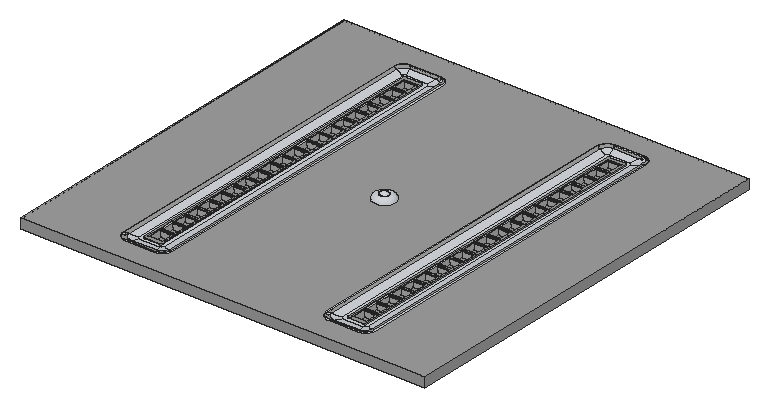
Revit family "0044019 Sylvania Lighting Fixture OptiClip 600 4000K C9 WH SSA WHITE", category Lighting Fixtures, host Face, Revit 2016
Family settings
  Host = Face
  Part Type = Normal
  Round Connector Dimension = Use Diameter
  OmniClass Number = 23.80.70.00
  OmniClass Title = Lighting
  Cut with Voids When Loaded = No
  Light Source = Yes
  Shared = No
  Room Calculation Point = No
Parameters (values of type "0044019 OPTICLIP 600 4K C9 WH SSA WHITE")
  spacer height = 5 mm
  spacer centres = 1000 mm
  height = 14.63 mm
  cut out width = 590 mm
  cut out length = 590 mm
  Width = 595 mm
  Weight = "n/a"
  Wattage Comments = ""
  Wattage = 9.2903 W
  WarrantyStartDate [instance] = "n/a"
  WarrantyGuarantorParts = "n/a"
  WarrantyDurationUnit = "n/a"
  WarrantyDurationParts = ""
  WarrantyDescription = "http://www.sylvania-lighting.com"
  built-in parameter 1150110 = 1 (stored number, unit not read)
  Voltage = 0 V
  URL = "0.95"
  TypeName = "OptiClip 600 4000K C9 WH SSA WHITE"
  Type Image = <None>
  Type Comments = "n/a"
  built-in parameter 1114217 = 1 (stored number, unit not read)
  Tilt Angle = 90.00°
  built-in parameter 1150109 = 1 (stored number, unit not read)
  built-in parameter 1150134 = 3
  built-in parameter 1150113 = 1 (stored number, unit not read)
  SerialNumber [instance] = "n/a"
  Photometric Web File = "0044019.ies"
  Material_3_FEILO = none
  PowerFactor = 0
  PowerConsumption = "Lighting"
  NominalLength = 595 mm
  NominalHeight = 0 mm
  NominalDepth = 0 mm
  Name = "OptiClip 600 4000K C9 WH SSA WHITE"
  ModelReference = Name  # "OptiClip 600 4000K C9 WH SSA WHITE"
  ModelNumber = "0044019"
  Model = Name  # "OptiClip 600 4000K C9 WH SSA WHITE"
  Material = "Feilo Sylvania"
  ManufacturerName = "109 lm/W"
  Manufacturer = ""
  LuminousEfficacy = ""
  built-in parameter 1150105 = 109.82 (stored number, unit not read)
  Lumens = 1380 lm
  LuminaireType = "0"
  built-in parameter 1150115 = 1 (stored number, unit not read)
  LightOutputRatio = "LED"
  built-in parameter 1150137 = (empty or 0)
  built-in parameter 1150139 = (empty or 0)
  Length = 595 mm
  LampsType = Lamp  # "n/a"
  LampNominalLuminous = "4000 K"
  LampMacAdamStep = "90"
  LampColourTemperature = "LED"
  LampColourRenderingIndex = "16500"
  built-in parameter 1150112 = 1 (stored number, unit not read)
  built-in parameter 1150114 = 1 (stored number, unit not read)
  Lamp = "n/a"
  Keynote = "n/a"
  InstallationDate [instance] = "n/a"
  InputVoltage = "0"
  InputNominalFrequency = "4000"
  built-in parameter 1150132 = (empty or 0)
  built-in parameter 1150102 = (empty or 0)
  built-in parameter 1150107 = 3200 (stored number, unit not read)
  built-in parameter 1150138 = (empty or 0)
  IngressProtection = "IfcLightFixtureType"
  ImpactProtectionIndex = "IfcLightFixtureType"
  built-in parameter 1150106 = 1.0982 (stored number, unit not read)
  IfcExportType = "IfcLightFixtureType"
  IfcExportAs = "Class II"
  Height = 50 mm
  ExpectedLife = 50000
  Emit from Circle Diameter = 609.6 mm
  Emit Shape Visible in Rendering = no
  ElectricShockClassification = "109"
  built-in parameter 1150104 = 13.8 (stored number, unit not read)
  DurationUnit = "hours"
  DocumentationLiterature = "http://www.sylvania-lighting.com/product/en-int/products/0044019"
  DimmingControlOptions = "n/a"
  Material_2_FEILO = none
  Dimming Lamp Color Temperature Shift = <None>
  Description = "OPTICLIP 600 4000K C9 WH SSA WHITE is a high efficacy low glare luminaire with replaceable light engines for office and education appalications. Ceiling recessed LED luminaire with white colour plastic optic, direct light distribution, luminaire dimensions: 595x595x52mm, Sylvania White body colour (RAL9016), IP20, IK07, SylSmart Connected Building capable, low LED flicker (+/-5%), Neutral White (4000K) LED Colour Temperature, 3250lm luminous flux, 30W power consumption, 108lm/W system efficacy, CRI>90, SDCM 3 (3-step MacAdam ellipse) LED Colour Consistency, UGR<17, Luminance at 65° < 2000 cd/m2, lumen maintenance: L80B50 at 60000h, photobiological safety risk group 1. Electrical protection Class II. Glow wire test 850°C."
  Default Elevation = 1219.2 mm
  CreatedOn = "24/09/2020"
  CreatedBy = "@sylvania-lighting.com"
  Cost = 0
  Color Filter = 16777215
  built-in parameter 1114216 [instance] = (empty or 0)
  ClassificationValue = "EF_70_80"
  ClassificationName = "Uniclass2015"
  Material_1_FEILO = none
  BarCode [instance] = "n/a"
  built-in parameter 1114218 = 1 (stored number, unit not read)
  built-in parameter 1150133 = 10 (stored number, unit not read)
  AssetType = "Fixed"
  AssetIdentifier [instance] = "n/a"
  Assembly Code = "D5020200"
  Apparent Load = 30 VA
  Material_4_FEILO = none
Reference planes
  plane 1 "Center (Front/Back)": y = 0
  plane 2: z = 0
  plane 3 "Center (Left/Right)": x = 0
  plane 4: z = 0
  plane 5: y = 297.5
  plane 6: y = -297.5
  plane 7: x = -297.5
  plane 8: x = 297.5
  plane 9: x = -295
  plane 10: x = 295
  plane 11: y = 295
  plane 12: y = -295
  plane 13: z = -14.63
  plane 14: y = 296.5
  plane 15: x = -296.5
  plane 16: x = 296.5
  plane 17: y = -296.5
  plane 18: x = -185
  plane 19: x = -113
  plane 20: y = -246.5
  plane 21: x = -184
  plane 22: y = 262
  plane 23: x = -114
  plane 24: y = -262
  plane 25: y = 245.5
  plane 26: y = -245.345
  plane 27: x = -160
  plane 28: x = -138
  plane 29: y = 236.5
  plane 30: y = -236.345
  plane 31: y = 213.35
  plane 32: y = 212.35
  plane 33: y = 190.95
  plane 34: y = 189.95
  plane 35: y = 168.595
  plane 36: y = 167.595
  plane 37: y = 146.15
  plane 38: y = 145.15
  plane 39: y = 123.75
  plane 40: y = 122.75
  plane 41: y = 101.35
  plane 42: y = 100.35
  plane 43: y = 78.95
  plane 44: y = 77.95
  plane 45: y = 56.576
  plane 46: y = 55.576
  plane 47: y = 34.15
  plane 48: y = 33.15
  plane 49: y = 11.75
  plane 50: y = 10.75
  plane 51: y = -10.65
  plane 52: y = -11.65
  plane 53: y = -33.05
  plane 54: y = -34.05
  plane 55: y = -55.45
  plane 56: y = -56.45
  plane 57: y = -77.805
  plane 58: y = -78.805
  plane 59: y = -100.25
  plane 60: y = -101.25
  plane 61: y = -122.65
  plane 62: y = -123.65
  plane 63: y = -145.05
  plane 64: y = -146.05
  plane 65: y = -167.45
  plane 66: y = -168.416
  plane 67: y = -189.816
  plane 68: y = -190.816
  plane 69: y = -212.216
  plane 70: y = -213.216
  plane 71: y = -234.616
  plane 72: x = -159.5
  plane 73: x = -138.539
  plane 74: y = 230.05
  plane 75: y = 218.05
  plane 76: x = -143.039
  plane 77: x = -155
  plane 78: x = -162.5
  plane 79: x = -135.5
  plane 80: y = 240.5
  plane 81: y = -240.345
  plane 82: y = 238
  plane 83: z = 6
  plane 84: x = 8
  plane 85: x = 16
  plane 86: z = 8.5
  plane 87: x = 5
  plane 88: x = 13.5
  plane 89: z = -19.13
  plane 90: x = 8
  plane 91: z = -48.13
Forms (mm)
  Extrusion 1, void, detail levels medium+fine
    sketch origin (4.2, 0, 0) x (0, 1, 0) y (1, 0, 0)
      loop
        line (295, -299.2) -> (295, 290.8) -> (-295, 290.8) -> (-295, -299.2) -> (295, -299.2)
    from 0 to 10
  Extrusion 2, solid, material "Default", detail levels medium+fine
    sketch origin (4.2, 0, 0) x (1, 0, 0) y (0, 1, 0)
      loop
        line (-301.7, 297.5) -> (-301.7, -297.5) -> (293.3, -297.5) -> (293.3, 297.5) -> (-301.7, 297.5)
    from 0 to -14.63
  Extrusion 3, void, detail levels medium+fine
    sketch origin (4.2, 0, 0) x (0, 1, 0) y (1, 0, 0)
      loop
        line (296.5, -300.7) -> (296.5, 292.3) -> (-296.5, 292.3) -> (-296.5, -300.7) -> (296.5, -300.7)
    from 1.008 to 14.63
  Blend 4, solid, detail levels medium+fine
    base sketch origin (4.2, 0, 0) x (1, 0, 0) y (0, 1, 0)
      loop
        line (-189.2, 248) -> (-189.2, -248)
        arc (-189.2, -248) -> (-184.807, -258.607) -> (-174.2, -263) r 15
        line (-174.2, -263) -> (-132.2, -263)
        arc (-132.2, -263) -> (-121.593, -258.607) -> (-117.2, -248) r 15
        line (-117.2, -248) -> (-117.2, 248)
        arc (-117.2, 248) -> (-121.593, 258.607) -> (-132.2, 263) r 15
        line (-132.2, 263) -> (-174.2, 263)
        arc (-174.2, 263) -> (-184.807, 258.607) -> (-189.2, 248) r 15
    top sketch origin (4.2, 0, 0) x (1, 0, 0) y (0, 1, 0)
      loop
        line (-172.7, 242.5) -> (-172.7, -242.5)
        arc (-172.7, -242.5) -> (-171.517, -245.34) -> (-168.667, -246.5) r 4
        line (-168.667, -246.5) -> (-137.633, -246.5)
        arc (-137.633, -246.5) -> (-134.828, -245.324) -> (-133.7, -242.5) r 3.934
        line (-133.7, -242.5) -> (-133.7, 242.5)
        arc (-133.7, 242.5) -> (-134.982, 245.439) -> (-138.008, 246.5) r 4.011
        line (-138.008, 246.5) -> (-168.7, 246.5)
        arc (-168.7, 246.5) -> (-171.528, 245.328) -> (-172.7, 242.5) r 4
    from 0 to -4
  Blend 5, void
    base sketch origin (4.2, 0, 0) x (0, 1, 0) y (-1, 0, 0)
      loop
        line (248, 188.2) -> (-248, 188.2)
        arc (-248, 188.2) -> (-257.899, 184.099) -> (-262, 174.2) r 14
        line (-262, 174.2) -> (-262, 132.2)
        arc (-262, 132.2) -> (-257.899, 122.301) -> (-248, 118.2) r 14
        line (-248, 118.2) -> (248, 118.2)
        arc (248, 118.2) -> (257.899, 122.301) -> (262, 132.2) r 14
        line (262, 132.2) -> (262, 174.2)
        arc (262, 174.2) -> (257.899, 184.099) -> (248, 188.2) r 14
    top sketch origin (4.2, 0, 0) x (0, 1, 0) y (-1, 0, 0)
      loop
        line (242.5, 171.7) -> (-242.5, 171.7)
        arc (-242.5, 171.7) -> (-244.579, 170.8) -> (-245.345, 168.667) r 2.851
        line (-245.345, 168.667) -> (-245.345, 137.633)
        arc (-245.345, 137.633) -> (-244.517, 135.59) -> (-242.5, 134.7) r 2.934
        line (-242.5, 134.7) -> (242.5, 134.7)
        arc (242.5, 134.7) -> (244.733, 135.69) -> (245.5, 138.008) r 3.014
        line (245.5, 138.008) -> (245.5, 168.7)
        arc (245.5, 168.7) -> (244.621, 170.821) -> (242.5, 171.7) r 3
    from 0 to -3.5
  Extrusion 6, solid, material "Aluminum 1100-H18", detail levels medium+fine
    sketch origin (4.2, 0, 0) x (1, 0, 0) y (0, 1, 0)
      loop
        line (-164.2, 236.5) -> (-164.2, -236.345) -> (-142.2, -236.345) -> (-142.2, 236.5) -> (-164.2, 236.5)
    from -4 to -14.63
  Extrusion 7, solid, material "Aluminum 1100-H18", detail levels medium+fine
    sketch origin (4.2, 0, 0) x (1, 0, 0) y (0, 1, 0)
      loop
        line (-166.7, 238) -> (-166.7, -238.071)
        arc (-166.7, -238.071) -> (-165.953, -239.761) -> (-164.2, -240.345) r 2.284
        line (-164.2, -240.345) -> (-142.156, -240.345)
        arc (-142.156, -240.345) -> (-140.483, -239.689) -> (-139.7, -238.071) r 2.464
        line (-139.7, -238.071) -> (-139.7, 238)
        arc (-139.7, 238) -> (-140.432, 239.768) -> (-142.2, 240.5) r 2.5
        line (-142.2, 240.5) -> (-164.2, 240.5)
        arc (-164.2, 240.5) -> (-165.968, 239.768) -> (-166.7, 238) r 2.5
    from -3.5 to -2.5
  Blend 8, void
    base sketch origin (4.2, 0, 0) x (0, 1, 0) y (-1, 0, 0)
      loop
        line (234.75, 163.7) -> (213.35, 163.7) -> (213.35, 142.739) -> (234.75, 142.739) -> (234.75, 163.7)
    top sketch origin (4.2, 0, 0) x (0, 1, 0) y (-1, 0, 0)
      loop
        line (230.05, 159.2) -> (218.05, 159.2) -> (218.05, 147.239) -> (230.05, 147.239) -> (230.05, 159.2)
    from -2.5 to -11
  Blend 9, void
    base sketch origin (4.2, -22.4, 0) x (0, 1, 0) y (-1, 0, 0)
      loop
        line (234.75, 163.7) -> (213.35, 163.7) -> (213.35, 142.739) -> (234.75, 142.739) -> (234.75, 163.7)
    top sketch origin (4.2, -22.4, 0) x (0, 1, 0) y (-1, 0, 0)
      loop
        line (230.05, 159.2) -> (218.05, 159.2) -> (218.05, 147.239) -> (230.05, 147.239) -> (230.05, 159.2)
    from -2.5 to -11
  Blend 10, void
    base sketch origin (4.2, -44.8, 0) x (0, 1, 0) y (-1, 0, 0)
      loop
        line (234.75, 163.7) -> (213.35, 163.7) -> (213.35, 142.739) -> (234.75, 142.739) -> (234.75, 163.7)
    top sketch origin (4.2, -44.8, 0) x (0, 1, 0) y (-1, 0, 0)
      loop
        line (230.05, 159.2) -> (218.05, 159.2) -> (218.05, 147.239) -> (230.05, 147.239) -> (230.05, 159.2)
    from -2.5 to -11
  Blend 11, void
    base sketch origin (4.2, -67.155, 0) x (0, 1, 0) y (-1, 0, 0)
      loop
        line (234.75, 163.7) -> (213.35, 163.7) -> (213.35, 142.739) -> (234.75, 142.739) -> (234.75, 163.7)
    top sketch origin (4.2, -67.155, 0) x (0, 1, 0) y (-1, 0, 0)
      loop
        line (230.05, 159.2) -> (218.05, 159.2) -> (218.05, 147.239) -> (230.05, 147.239) -> (230.05, 159.2)
    from -2.5 to -11
  Blend 12, void
    base sketch origin (4.2, -89.6, 0) x (0, 1, 0) y (-1, 0, 0)
      loop
        line (234.75, 163.7) -> (213.35, 163.7) -> (213.35, 142.739) -> (234.75, 142.739) -> (234.75, 163.7)
    top sketch origin (4.2, -89.6, 0) x (0, 1, 0) y (-1, 0, 0)
      loop
        line (230.05, 159.2) -> (218.05, 159.2) -> (218.05, 147.239) -> (230.05, 147.239) -> (230.05, 159.2)
    from -2.5 to -11
  Blend 13, void
    base sketch origin (4.2, -112, 0) x (0, 1, 0) y (-1, 0, 0)
      loop
        line (234.75, 163.7) -> (213.35, 163.7) -> (213.35, 142.739) -> (234.75, 142.739) -> (234.75, 163.7)
    top sketch origin (4.2, -112, 0) x (0, 1, 0) y (-1, 0, 0)
      loop
        line (230.05, 159.2) -> (218.05, 159.2) -> (218.05, 147.239) -> (230.05, 147.239) -> (230.05, 159.2)
    from -2.5 to -11
  Blend 14, void
    base sketch origin (4.2, -134.4, 0) x (0, 1, 0) y (-1, 0, 0)
      loop
        line (234.75, 163.7) -> (213.35, 163.7) -> (213.35, 142.739) -> (234.75, 142.739) -> (234.75, 163.7)
    top sketch origin (4.2, -134.4, 0) x (0, 1, 0) y (-1, 0, 0)
      loop
        line (230.05, 159.2) -> (218.05, 159.2) -> (218.05, 147.239) -> (230.05, 147.239) -> (230.05, 159.2)
    from -2.5 to -11
  Blend 15, void
    base sketch origin (4.2, -156.8, 0) x (0, 1, 0) y (-1, 0, 0)
      loop
        line (234.75, 163.7) -> (213.35, 163.7) -> (213.35, 142.739) -> (234.75, 142.739) -> (234.75, 163.7)
    top sketch origin (4.2, -156.8, 0) x (0, 1, 0) y (-1, 0, 0)
      loop
        line (230.05, 159.2) -> (218.05, 159.2) -> (218.05, 147.239) -> (230.05, 147.239) -> (230.05, 159.2)
    from -2.5 to -11
  Blend 16, void
    base sketch origin (4.2, -179.174, 0) x (0, 1, 0) y (-1, 0, 0)
      loop
        line (234.75, 163.7) -> (213.35, 163.7) -> (213.35, 142.739) -> (234.75, 142.739) -> (234.75, 163.7)
    top sketch origin (4.2, -179.174, 0) x (0, 1, 0) y (-1, 0, 0)
      loop
        line (230.05, 159.2) -> (218.05, 159.2) -> (218.05, 147.239) -> (230.05, 147.239) -> (230.05, 159.2)
    from -2.5 to -11
  Blend 17, void
    base sketch origin (4.2, -201.6, 0) x (0, 1, 0) y (-1, 0, 0)
      loop
        line (234.75, 163.7) -> (213.35, 163.7) -> (213.35, 142.739) -> (234.75, 142.739) -> (234.75, 163.7)
    top sketch origin (4.2, -201.6, 0) x (0, 1, 0) y (-1, 0, 0)
      loop
        line (230.05, 159.2) -> (218.05, 159.2) -> (218.05, 147.239) -> (230.05, 147.239) -> (230.05, 159.2)
    from -2.5 to -11
  Blend 18, void
    base sketch origin (4.2, -224, 0) x (0, 1, 0) y (-1, 0, 0)
      loop
        line (234.75, 163.7) -> (213.35, 163.7) -> (213.35, 142.739) -> (234.75, 142.739) -> (234.75, 163.7)
    top sketch origin (4.2, -224, 0) x (0, 1, 0) y (-1, 0, 0)
      loop
        line (230.05, 159.2) -> (218.05, 159.2) -> (218.05, 147.239) -> (230.05, 147.239) -> (230.05, 159.2)
    from -2.5 to -11
  Blend 19, void
    base sketch origin (4.2, -246.4, 0) x (0, 1, 0) y (-1, 0, 0)
      loop
        line (234.75, 163.7) -> (213.35, 163.7) -> (213.35, 142.739) -> (234.75, 142.739) -> (234.75, 163.7)
    top sketch origin (4.2, -246.4, 0) x (0, 1, 0) y (-1, 0, 0)
      loop
        line (230.05, 159.2) -> (218.05, 159.2) -> (218.05, 147.239) -> (230.05, 147.239) -> (230.05, 159.2)
    from -2.5 to -11
  Blend 20, void
    base sketch origin (4.2, -268.8, 0) x (0, 1, 0) y (-1, 0, 0)
      loop
        line (234.75, 163.7) -> (213.35, 163.7) -> (213.35, 142.739) -> (234.75, 142.739) -> (234.75, 163.7)
    top sketch origin (4.2, -268.8, 0) x (0, 1, 0) y (-1, 0, 0)
      loop
        line (230.05, 159.2) -> (218.05, 159.2) -> (218.05, 147.239) -> (230.05, 147.239) -> (230.05, 159.2)
    from -2.5 to -11
  Blend 21, void
    base sketch origin (4.2, -291.2, 0) x (0, 1, 0) y (-1, 0, 0)
      loop
        line (234.75, 163.7) -> (213.35, 163.7) -> (213.35, 142.739) -> (234.75, 142.739) -> (234.75, 163.7)
    top sketch origin (4.2, -291.2, 0) x (0, 1, 0) y (-1, 0, 0)
      loop
        line (230.05, 159.2) -> (218.05, 159.2) -> (218.05, 147.239) -> (230.05, 147.239) -> (230.05, 159.2)
    from -2.5 to -11
  Blend 22, void
    base sketch origin (4.2, -313.555, 0) x (0, 1, 0) y (-1, 0, 0)
      loop
        line (234.75, 163.7) -> (213.35, 163.7) -> (213.35, 142.739) -> (234.75, 142.739) -> (234.75, 163.7)
    top sketch origin (4.2, -313.555, 0) x (0, 1, 0) y (-1, 0, 0)
      loop
        line (230.05, 159.2) -> (218.05, 159.2) -> (218.05, 147.239) -> (230.05, 147.239) -> (230.05, 159.2)
    from -2.5 to -11
  Blend 23, void
    base sketch origin (4.2, -336, 0) x (0, 1, 0) y (-1, 0, 0)
      loop
        line (234.75, 163.7) -> (213.35, 163.7) -> (213.35, 142.739) -> (234.75, 142.739) -> (234.75, 163.7)
    top sketch origin (4.2, -336, 0) x (0, 1, 0) y (-1, 0, 0)
      loop
        line (230.05, 159.2) -> (218.05, 159.2) -> (218.05, 147.239) -> (230.05, 147.239) -> (230.05, 159.2)
    from -2.5 to -11
  Blend 24, void
    base sketch origin (4.2, -358.4, 0) x (0, 1, 0) y (-1, 0, 0)
      loop
        line (234.75, 163.7) -> (213.35, 163.7) -> (213.35, 142.739) -> (234.75, 142.739) -> (234.75, 163.7)
    top sketch origin (4.2, -358.4, 0) x (0, 1, 0) y (-1, 0, 0)
      loop
        line (230.05, 159.2) -> (218.05, 159.2) -> (218.05, 147.239) -> (230.05, 147.239) -> (230.05, 159.2)
    from -2.5 to -11
  Blend 25, void
    base sketch origin (4.2, -380.8, 0) x (0, 1, 0) y (-1, 0, 0)
      loop
        line (234.75, 163.7) -> (213.35, 163.7) -> (213.35, 142.739) -> (234.75, 142.739) -> (234.75, 163.7)
    top sketch origin (4.2, -380.8, 0) x (0, 1, 0) y (-1, 0, 0)
      loop
        line (230.05, 159.2) -> (218.05, 159.2) -> (218.05, 147.239) -> (230.05, 147.239) -> (230.05, 159.2)
    from -2.5 to -11
  Extrusion 26, solid, material "Glass, White, High Luminance", detail levels fine
    sketch origin (4.2, 0, 0) x (1, 0, 0) y (0, 1, 0)
      loop
        line (-159.2, 230.05) -> (-159.2, 218.05) -> (-147.239, 218.05) -> (-147.239, 230.05) -> (-159.2, 230.05)
    from -11 to -10
  Extrusion 27, solid, material "Glass, White, High Luminance", detail levels fine
    sketch origin (4.2, -22.4, 0) x (1, 0, 0) y (0, 1, 0)
      loop
        line (-159.2, 230.05) -> (-159.2, 218.05) -> (-147.239, 218.05) -> (-147.239, 230.05) -> (-159.2, 230.05)
    from -11 to -10
  Extrusion 28, solid, material "Glass, White, High Luminance", detail levels fine
    sketch origin (4.2, -44.8, 0) x (1, 0, 0) y (0, 1, 0)
      loop
        line (-159.2, 230.05) -> (-159.2, 218.05) -> (-147.239, 218.05) -> (-147.239, 230.05) -> (-159.2, 230.05)
    from -11 to -10
  Extrusion 29, solid, material "Glass, White, High Luminance", detail levels fine
    sketch origin (4.2, -67.155, 0) x (1, 0, 0) y (0, 1, 0)
      loop
        line (-159.2, 230.05) -> (-159.2, 218.05) -> (-147.239, 218.05) -> (-147.239, 230.05) -> (-159.2, 230.05)
    from -11 to -10
  Extrusion 30, solid, material "Glass, White, High Luminance", detail levels fine
    sketch origin (4.2, -89.6, 0) x (1, 0, 0) y (0, 1, 0)
      loop
        line (-159.2, 230.05) -> (-159.2, 218.05) -> (-147.239, 218.05) -> (-147.239, 230.05) -> (-159.2, 230.05)
    from -11 to -10
  Extrusion 31, solid, material "Glass, White, High Luminance", detail levels fine
    sketch origin (4.2, -112, 0) x (1, 0, 0) y (0, 1, 0)
      loop
        line (-159.2, 230.05) -> (-159.2, 218.05) -> (-147.239, 218.05) -> (-147.239, 230.05) -> (-159.2, 230.05)
    from -11 to -10
  Extrusion 32, solid, material "Glass, White, High Luminance", detail levels fine
    sketch origin (4.2, -134.4, 0) x (1, 0, 0) y (0, 1, 0)
      loop
        line (-159.2, 230.05) -> (-159.2, 218.05) -> (-147.239, 218.05) -> (-147.239, 230.05) -> (-159.2, 230.05)
    from -11 to -10
  Extrusion 33, solid, material "Glass, White, High Luminance", detail levels fine
    sketch origin (4.2, -156.8, 0) x (1, 0, 0) y (0, 1, 0)
      loop
        line (-159.2, 230.05) -> (-159.2, 218.05) -> (-147.239, 218.05) -> (-147.239, 230.05) -> (-159.2, 230.05)
    from -11 to -10
  Extrusion 34, solid, material "Glass, White, High Luminance", detail levels fine
    sketch origin (4.2, -179.174, 0) x (1, 0, 0) y (0, 1, 0)
      loop
        line (-159.2, 230.05) -> (-159.2, 218.05) -> (-147.239, 218.05) -> (-147.239, 230.05) -> (-159.2, 230.05)
    from -11 to -10
  Extrusion 35, solid, material "Glass, White, High Luminance", detail levels fine
    sketch origin (4.2, -201.6, 0) x (1, 0, 0) y (0, 1, 0)
      loop
        line (-159.2, 230.05) -> (-159.2, 218.05) -> (-147.239, 218.05) -> (-147.239, 230.05) -> (-159.2, 230.05)
    from -11 to -10
  Extrusion 36, solid, material "Glass, White, High Luminance", detail levels fine
    sketch origin (4.2, -224, 0) x (1, 0, 0) y (0, 1, 0)
      loop
        line (-159.2, 230.05) -> (-159.2, 218.05) -> (-147.239, 218.05) -> (-147.239, 230.05) -> (-159.2, 230.05)
    from -11 to -10
  Extrusion 37, solid, material "Glass, White, High Luminance", detail levels fine
    sketch origin (4.2, -246.4, 0) x (1, 0, 0) y (0, 1, 0)
      loop
        line (-159.2, 230.05) -> (-159.2, 218.05) -> (-147.239, 218.05) -> (-147.239, 230.05) -> (-159.2, 230.05)
    from -11 to -10
  Extrusion 38, solid, material "Glass, White, High Luminance", detail levels fine
    sketch origin (4.2, -268.8, 0) x (1, 0, 0) y (0, 1, 0)
      loop
        line (-159.2, 230.05) -> (-159.2, 218.05) -> (-147.239, 218.05) -> (-147.239, 230.05) -> (-159.2, 230.05)
    from -11 to -10
  Extrusion 39, solid, material "Glass, White, High Luminance", detail levels fine
    sketch origin (4.2, -291.2, 0) x (1, 0, 0) y (0, 1, 0)
      loop
        line (-159.2, 230.05) -> (-159.2, 218.05) -> (-147.239, 218.05) -> (-147.239, 230.05) -> (-159.2, 230.05)
    from -11 to -10
  Extrusion 40, solid, material "Glass, White, High Luminance", detail levels fine
    sketch origin (4.2, -313.555, 0) x (1, 0, 0) y (0, 1, 0)
      loop
        line (-159.2, 230.05) -> (-159.2, 218.05) -> (-147.239, 218.05) -> (-147.239, 230.05) -> (-159.2, 230.05)
    from -11 to -10
  Extrusion 41, solid, material "Glass, White, High Luminance", detail levels fine
    sketch origin (4.2, -336, 0) x (1, 0, 0) y (0, 1, 0)
      loop
        line (-159.2, 230.05) -> (-159.2, 218.05) -> (-147.239, 218.05) -> (-147.239, 230.05) -> (-159.2, 230.05)
    from -11 to -10
  Extrusion 42, solid, material "Glass, White, High Luminance", detail levels fine
    sketch origin (4.2, -358.4, 0) x (1, 0, 0) y (0, 1, 0)
      loop
        line (-159.2, 230.05) -> (-159.2, 218.05) -> (-147.239, 218.05) -> (-147.239, 230.05) -> (-159.2, 230.05)
    from -11 to -10
  Extrusion 43, solid, material "Glass, White, High Luminance", detail levels fine
    sketch origin (4.2, -380.8, 0) x (1, 0, 0) y (0, 1, 0)
      loop
        line (-159.2, 230.05) -> (-159.2, 218.05) -> (-147.239, 218.05) -> (-147.239, 230.05) -> (-159.2, 230.05)
    from -11 to -10
  Extrusion 44, solid, material "Glass, White, High Luminance", detail levels fine
    sketch origin (3.419, -403.166, 0) x (1, 0, 0) y (0, 1, 0)
      loop
        line (-158.419, 230.05) -> (-158.419, 218.05) -> (-146.458, 218.05) -> (-146.458, 230.05) -> (-158.419, 230.05)
    from -11 to -10
  Extrusion 45, solid, material "Glass, White, High Luminance", detail levels fine
    sketch origin (3.419, -425.566, 0) x (1, 0, 0) y (0, 1, 0)
      loop
        line (-158.419, 230.05) -> (-158.419, 218.05) -> (-146.458, 218.05) -> (-146.458, 230.05) -> (-158.419, 230.05)
    from -11 to -10
  Extrusion 46, solid, material "Glass, White, High Luminance", detail levels fine
    sketch origin (3.419, -447.966, 0) x (1, 0, 0) y (0, 1, 0)
      loop
        line (-158.419, 230.05) -> (-158.419, 218.05) -> (-146.458, 218.05) -> (-146.458, 230.05) -> (-158.419, 230.05)
    from -11 to -10
  Blend 47, solid, detail levels medium+fine
    base sketch origin (303.2, 0, 0) x (1, 0, 0) y (0, 1, 0)
      loop
        line (-189.2, 248) -> (-189.2, -248)
        arc (-189.2, -248) -> (-184.807, -258.607) -> (-174.2, -263) r 15
        line (-174.2, -263) -> (-132.2, -263)
        arc (-132.2, -263) -> (-121.593, -258.607) -> (-117.2, -248) r 15
        line (-117.2, -248) -> (-117.2, 248)
        arc (-117.2, 248) -> (-121.593, 258.607) -> (-132.2, 263) r 15
        line (-132.2, 263) -> (-174.2, 263)
        arc (-174.2, 263) -> (-184.807, 258.607) -> (-189.2, 248) r 15
    top sketch origin (303.2, 0, 0) x (1, 0, 0) y (0, 1, 0)
      loop
        line (-172.7, 242.5) -> (-172.7, -242.5)
        arc (-172.7, -242.5) -> (-171.517, -245.34) -> (-168.667, -246.5) r 4
        line (-168.667, -246.5) -> (-137.633, -246.5)
        arc (-137.633, -246.5) -> (-134.828, -245.324) -> (-133.7, -242.5) r 3.934
        line (-133.7, -242.5) -> (-133.7, 242.5)
        arc (-133.7, 242.5) -> (-134.982, 245.439) -> (-138.008, 246.5) r 4.011
        line (-138.008, 246.5) -> (-168.7, 246.5)
        arc (-168.7, 246.5) -> (-171.528, 245.328) -> (-172.7, 242.5) r 4
    from 0 to -4
  Blend 48, void
    base sketch origin (303.2, 0, 0) x (0, 1, 0) y (-1, 0, 0)
      loop
        line (248, 188.2) -> (-248, 188.2)
        arc (-248, 188.2) -> (-257.899, 184.099) -> (-262, 174.2) r 14
        line (-262, 174.2) -> (-262, 132.2)
        arc (-262, 132.2) -> (-257.899, 122.301) -> (-248, 118.2) r 14
        line (-248, 118.2) -> (248, 118.2)
        arc (248, 118.2) -> (257.899, 122.301) -> (262, 132.2) r 14
        line (262, 132.2) -> (262, 174.2)
        arc (262, 174.2) -> (257.899, 184.099) -> (248, 188.2) r 14
    top sketch origin (303.2, 0, 0) x (0, 1, 0) y (-1, 0, 0)
      loop
        line (242.5, 171.7) -> (-242.5, 171.7)
        arc (-242.5, 171.7) -> (-244.579, 170.8) -> (-245.345, 168.667) r 2.851
        line (-245.345, 168.667) -> (-245.345, 137.633)
        arc (-245.345, 137.633) -> (-244.517, 135.59) -> (-242.5, 134.7) r 2.934
        line (-242.5, 134.7) -> (242.5, 134.7)
        arc (242.5, 134.7) -> (244.733, 135.69) -> (245.5, 138.008) r 3.014
        line (245.5, 138.008) -> (245.5, 168.7)
        arc (245.5, 168.7) -> (244.621, 170.821) -> (242.5, 171.7) r 3
    from 0 to -3.5
  Extrusion 49, solid, material "Aluminum 1100-H18", detail levels medium+fine
    sketch origin (304.2, 0, 0) x (1, 0, 0) y (0, 1, 0)
      loop
        line (-164.2, 236.5) -> (-164.2, -236.345) -> (-142.2, -236.345) -> (-142.2, 236.5) -> (-164.2, 236.5)
    from -4 to -14.63
  Blend 50, void
    base sketch origin (4.2, -403.166, 0) x (0, 1, 0) y (-1, 0, 0)
      loop
        line (234.75, 163.7) -> (213.35, 163.7) -> (213.35, 142.739) -> (234.75, 142.739) -> (234.75, 163.7)
    top sketch origin (4.2, -403.166, 0) x (0, 1, 0) y (-1, 0, 0)
      loop
        line (230.05, 159.2) -> (218.05, 159.2) -> (218.05, 147.239) -> (230.05, 147.239) -> (230.05, 159.2)
    from -2.5 to -11
  Blend 51, void
    base sketch origin (4.2, -425.566, 0) x (0, 1, 0) y (-1, 0, 0)
      loop
        line (234.75, 163.7) -> (213.35, 163.7) -> (213.35, 142.739) -> (234.75, 142.739) -> (234.75, 163.7)
    top sketch origin (4.2, -425.566, 0) x (0, 1, 0) y (-1, 0, 0)
      loop
        line (230.05, 159.2) -> (218.05, 159.2) -> (218.05, 147.239) -> (230.05, 147.239) -> (230.05, 159.2)
    from -2.5 to -11
  Blend 52, void
    base sketch origin (4.2, -447.966, 0) x (0, 1, 0) y (-1, 0, 0)
      loop
        line (234.75, 163.7) -> (213.35, 163.7) -> (213.35, 142.739) -> (234.75, 142.739) -> (234.75, 163.7)
    top sketch origin (4.2, -447.966, 0) x (0, 1, 0) y (-1, 0, 0)
      loop
        line (230.05, 159.2) -> (218.05, 159.2) -> (218.05, 147.239) -> (230.05, 147.239) -> (230.05, 159.2)
    from -2.5 to -11
  Extrusion 53, solid, material "Aluminum 1100-H18", detail levels medium+fine
    sketch origin (304.2, 0, 0) x (1, 0, 0) y (0, 1, 0)
      loop
        line (-166.7, 238) -> (-166.7, -238.071)
        arc (-166.7, -238.071) -> (-165.953, -239.761) -> (-164.2, -240.345) r 2.284
        line (-164.2, -240.345) -> (-142.156, -240.345)
        arc (-142.156, -240.345) -> (-140.483, -239.689) -> (-139.7, -238.071) r 2.464
        line (-139.7, -238.071) -> (-139.7, 238)
        arc (-139.7, 238) -> (-140.432, 239.768) -> (-142.2, 240.5) r 2.5
        line (-142.2, 240.5) -> (-164.2, 240.5)
        arc (-164.2, 240.5) -> (-165.968, 239.768) -> (-166.7, 238) r 2.5
    from -3.5 to -2.5
  Blend 54, void
    base sketch origin (304.2, 0, 0) x (0, 1, 0) y (-1, 0, 0)
      loop
        line (234.75, 163.7) -> (213.35, 163.7) -> (213.35, 142.739) -> (234.75, 142.739) -> (234.75, 163.7)
    top sketch origin (304.2, 0, 0) x (0, 1, 0) y (-1, 0, 0)
      loop
        line (230.05, 159.2) -> (218.05, 159.2) -> (218.05, 147.239) -> (230.05, 147.239) -> (230.05, 159.2)
    from -2.5 to -11
  Blend 55, void
    base sketch origin (304.2, -22.4, 0) x (0, 1, 0) y (-1, 0, 0)
      loop
        line (234.75, 163.7) -> (213.35, 163.7) -> (213.35, 142.739) -> (234.75, 142.739) -> (234.75, 163.7)
    top sketch origin (304.2, -22.4, 0) x (0, 1, 0) y (-1, 0, 0)
      loop
        line (230.05, 159.2) -> (218.05, 159.2) -> (218.05, 147.239) -> (230.05, 147.239) -> (230.05, 159.2)
    from -2.5 to -11
  Blend 56, void
    base sketch origin (304.2, -44.8, 0) x (0, 1, 0) y (-1, 0, 0)
      loop
        line (234.75, 163.7) -> (213.35, 163.7) -> (213.35, 142.739) -> (234.75, 142.739) -> (234.75, 163.7)
    top sketch origin (304.2, -44.8, 0) x (0, 1, 0) y (-1, 0, 0)
      loop
        line (230.05, 159.2) -> (218.05, 159.2) -> (218.05, 147.239) -> (230.05, 147.239) -> (230.05, 159.2)
    from -2.5 to -11
  Blend 57, void
    base sketch origin (304.2, -67.155, 0) x (0, 1, 0) y (-1, 0, 0)
      loop
        line (234.75, 163.7) -> (213.35, 163.7) -> (213.35, 142.739) -> (234.75, 142.739) -> (234.75, 163.7)
    top sketch origin (304.2, -67.155, 0) x (0, 1, 0) y (-1, 0, 0)
      loop
        line (230.05, 159.2) -> (218.05, 159.2) -> (218.05, 147.239) -> (230.05, 147.239) -> (230.05, 159.2)
    from -2.5 to -11
  Blend 58, void
    base sketch origin (304.2, -89.6, 0) x (0, 1, 0) y (-1, 0, 0)
      loop
        line (234.75, 163.7) -> (213.35, 163.7) -> (213.35, 142.739) -> (234.75, 142.739) -> (234.75, 163.7)
    top sketch origin (304.2, -89.6, 0) x (0, 1, 0) y (-1, 0, 0)
      loop
        line (230.05, 159.2) -> (218.05, 159.2) -> (218.05, 147.239) -> (230.05, 147.239) -> (230.05, 159.2)
    from -2.5 to -11
  Blend 59, void
    base sketch origin (304.2, -112, 0) x (0, 1, 0) y (-1, 0, 0)
      loop
        line (234.75, 163.7) -> (213.35, 163.7) -> (213.35, 142.739) -> (234.75, 142.739) -> (234.75, 163.7)
    top sketch origin (304.2, -112, 0) x (0, 1, 0) y (-1, 0, 0)
      loop
        line (230.05, 159.2) -> (218.05, 159.2) -> (218.05, 147.239) -> (230.05, 147.239) -> (230.05, 159.2)
    from -2.5 to -11
  Blend 60, void
    base sketch origin (304.2, -134.4, 0) x (0, 1, 0) y (-1, 0, 0)
      loop
        line (234.75, 163.7) -> (213.35, 163.7) -> (213.35, 142.739) -> (234.75, 142.739) -> (234.75, 163.7)
    top sketch origin (304.2, -134.4, 0) x (0, 1, 0) y (-1, 0, 0)
      loop
        line (230.05, 159.2) -> (218.05, 159.2) -> (218.05, 147.239) -> (230.05, 147.239) -> (230.05, 159.2)
    from -2.5 to -11
  Blend 61, void
    base sketch origin (304.2, -156.8, 0) x (0, 1, 0) y (-1, 0, 0)
      loop
        line (234.75, 163.7) -> (213.35, 163.7) -> (213.35, 142.739) -> (234.75, 142.739) -> (234.75, 163.7)
    top sketch origin (304.2, -156.8, 0) x (0, 1, 0) y (-1, 0, 0)
      loop
        line (230.05, 159.2) -> (218.05, 159.2) -> (218.05, 147.239) -> (230.05, 147.239) -> (230.05, 159.2)
    from -2.5 to -11
  Blend 62, void
    base sketch origin (304.2, -179.174, 0) x (0, 1, 0) y (-1, 0, 0)
      loop
        line (234.75, 163.7) -> (213.35, 163.7) -> (213.35, 142.739) -> (234.75, 142.739) -> (234.75, 163.7)
    top sketch origin (304.2, -179.174, 0) x (0, 1, 0) y (-1, 0, 0)
      loop
        line (230.05, 159.2) -> (218.05, 159.2) -> (218.05, 147.239) -> (230.05, 147.239) -> (230.05, 159.2)
    from -2.5 to -11
  Blend 63, void
    base sketch origin (304.2, -201.6, 0) x (0, 1, 0) y (-1, 0, 0)
      loop
        line (234.75, 163.7) -> (213.35, 163.7) -> (213.35, 142.739) -> (234.75, 142.739) -> (234.75, 163.7)
    top sketch origin (304.2, -201.6, 0) x (0, 1, 0) y (-1, 0, 0)
      loop
        line (230.05, 159.2) -> (218.05, 159.2) -> (218.05, 147.239) -> (230.05, 147.239) -> (230.05, 159.2)
    from -2.5 to -11
  Blend 64, void
    base sketch origin (304.2, -224, 0) x (0, 1, 0) y (-1, 0, 0)
      loop
        line (234.75, 163.7) -> (213.35, 163.7) -> (213.35, 142.739) -> (234.75, 142.739) -> (234.75, 163.7)
    top sketch origin (304.2, -224, 0) x (0, 1, 0) y (-1, 0, 0)
      loop
        line (230.05, 159.2) -> (218.05, 159.2) -> (218.05, 147.239) -> (230.05, 147.239) -> (230.05, 159.2)
    from -2.5 to -11
  Blend 65, void
    base sketch origin (304.2, -246.4, 0) x (0, 1, 0) y (-1, 0, 0)
      loop
        line (234.75, 163.7) -> (213.35, 163.7) -> (213.35, 142.739) -> (234.75, 142.739) -> (234.75, 163.7)
    top sketch origin (304.2, -246.4, 0) x (0, 1, 0) y (-1, 0, 0)
      loop
        line (230.05, 159.2) -> (218.05, 159.2) -> (218.05, 147.239) -> (230.05, 147.239) -> (230.05, 159.2)
    from -2.5 to -11
  Blend 66, void
    base sketch origin (304.2, -268.8, 0) x (0, 1, 0) y (-1, 0, 0)
      loop
        line (234.75, 163.7) -> (213.35, 163.7) -> (213.35, 142.739) -> (234.75, 142.739) -> (234.75, 163.7)
    top sketch origin (304.2, -268.8, 0) x (0, 1, 0) y (-1, 0, 0)
      loop
        line (230.05, 159.2) -> (218.05, 159.2) -> (218.05, 147.239) -> (230.05, 147.239) -> (230.05, 159.2)
    from -2.5 to -11
  Blend 67, void
    base sketch origin (304.2, -291.2, 0) x (0, 1, 0) y (-1, 0, 0)
      loop
        line (234.75, 163.7) -> (213.35, 163.7) -> (213.35, 142.739) -> (234.75, 142.739) -> (234.75, 163.7)
    top sketch origin (304.2, -291.2, 0) x (0, 1, 0) y (-1, 0, 0)
      loop
        line (230.05, 159.2) -> (218.05, 159.2) -> (218.05, 147.239) -> (230.05, 147.239) -> (230.05, 159.2)
    from -2.5 to -11
  Blend 68, void
    base sketch origin (304.2, -313.555, 0) x (0, 1, 0) y (-1, 0, 0)
      loop
        line (234.75, 163.7) -> (213.35, 163.7) -> (213.35, 142.739) -> (234.75, 142.739) -> (234.75, 163.7)
    top sketch origin (304.2, -313.555, 0) x (0, 1, 0) y (-1, 0, 0)
      loop
        line (230.05, 159.2) -> (218.05, 159.2) -> (218.05, 147.239) -> (230.05, 147.239) -> (230.05, 159.2)
    from -2.5 to -11
  Blend 69, void
    base sketch origin (304.2, -336, 0) x (0, 1, 0) y (-1, 0, 0)
      loop
        line (234.75, 163.7) -> (213.35, 163.7) -> (213.35, 142.739) -> (234.75, 142.739) -> (234.75, 163.7)
    top sketch origin (304.2, -336, 0) x (0, 1, 0) y (-1, 0, 0)
      loop
        line (230.05, 159.2) -> (218.05, 159.2) -> (218.05, 147.239) -> (230.05, 147.239) -> (230.05, 159.2)
    from -2.5 to -11
  Blend 70, void
    base sketch origin (304.2, -358.4, 0) x (0, 1, 0) y (-1, 0, 0)
      loop
        line (234.75, 163.7) -> (213.35, 163.7) -> (213.35, 142.739) -> (234.75, 142.739) -> (234.75, 163.7)
    top sketch origin (304.2, -358.4, 0) x (0, 1, 0) y (-1, 0, 0)
      loop
        line (230.05, 159.2) -> (218.05, 159.2) -> (218.05, 147.239) -> (230.05, 147.239) -> (230.05, 159.2)
    from -2.5 to -11
  Blend 71, void
    base sketch origin (304.2, -380.8, 0) x (0, 1, 0) y (-1, 0, 0)
      loop
        line (234.75, 163.7) -> (213.35, 163.7) -> (213.35, 142.739) -> (234.75, 142.739) -> (234.75, 163.7)
    top sketch origin (304.2, -380.8, 0) x (0, 1, 0) y (-1, 0, 0)
      loop
        line (230.05, 159.2) -> (218.05, 159.2) -> (218.05, 147.239) -> (230.05, 147.239) -> (230.05, 159.2)
    from -2.5 to -11
  Blend 72, void
    base sketch origin (304.2, -403.166, 0) x (0, 1, 0) y (-1, 0, 0)
      loop
        line (234.75, 163.7) -> (213.35, 163.7) -> (213.35, 142.739) -> (234.75, 142.739) -> (234.75, 163.7)
    top sketch origin (304.2, -403.166, 0) x (0, 1, 0) y (-1, 0, 0)
      loop
        line (230.05, 159.2) -> (218.05, 159.2) -> (218.05, 147.239) -> (230.05, 147.239) -> (230.05, 159.2)
    from -2.5 to -11
  Blend 73, void
    base sketch origin (304.2, -425.566, 0) x (0, 1, 0) y (-1, 0, 0)
      loop
        line (234.75, 163.7) -> (213.35, 163.7) -> (213.35, 142.739) -> (234.75, 142.739) -> (234.75, 163.7)
    top sketch origin (304.2, -425.566, 0) x (0, 1, 0) y (-1, 0, 0)
      loop
        line (230.05, 159.2) -> (218.05, 159.2) -> (218.05, 147.239) -> (230.05, 147.239) -> (230.05, 159.2)
    from -2.5 to -11
  Blend 74, void
    base sketch origin (304.2, -447.966, 0) x (0, 1, 0) y (-1, 0, 0)
      loop
        line (234.75, 163.7) -> (213.35, 163.7) -> (213.35, 142.739) -> (234.75, 142.739) -> (234.75, 163.7)
    top sketch origin (304.2, -447.966, 0) x (0, 1, 0) y (-1, 0, 0)
      loop
        line (230.05, 159.2) -> (218.05, 159.2) -> (218.05, 147.239) -> (230.05, 147.239) -> (230.05, 159.2)
    from -2.5 to -11
  Extrusion 75, solid, material "Glass, White, High Luminance", detail levels fine
    sketch origin (304.2, 0, 0) x (1, 0, 0) y (0, 1, 0)
      loop
        line (-159.2, 230.05) -> (-159.2, 218.05) -> (-147.239, 218.05) -> (-147.239, 230.05) -> (-159.2, 230.05)
    from -11 to -10
  Extrusion 76, solid, material "Glass, White, High Luminance", detail levels fine
    sketch origin (304.2, -22.4, 0) x (1, 0, 0) y (0, 1, 0)
      loop
        line (-159.2, 230.05) -> (-159.2, 218.05) -> (-147.239, 218.05) -> (-147.239, 230.05) -> (-159.2, 230.05)
    from -11 to -10
  Extrusion 77, solid, material "Glass, White, High Luminance", detail levels fine
    sketch origin (304.2, -44.8, 0) x (1, 0, 0) y (0, 1, 0)
      loop
        line (-159.2, 230.05) -> (-159.2, 218.05) -> (-147.239, 218.05) -> (-147.239, 230.05) -> (-159.2, 230.05)
    from -11 to -10
  Extrusion 78, solid, material "Glass, White, High Luminance", detail levels fine
    sketch origin (304.2, -67.155, 0) x (1, 0, 0) y (0, 1, 0)
      loop
        line (-159.2, 230.05) -> (-159.2, 218.05) -> (-147.239, 218.05) -> (-147.239, 230.05) -> (-159.2, 230.05)
    from -11 to -10
  Extrusion 79, solid, material "Glass, White, High Luminance", detail levels fine
    sketch origin (304.2, -89.6, 0) x (1, 0, 0) y (0, 1, 0)
      loop
        line (-159.2, 230.05) -> (-159.2, 218.05) -> (-147.239, 218.05) -> (-147.239, 230.05) -> (-159.2, 230.05)
    from -11 to -10
  Extrusion 80, solid, material "Glass, White, High Luminance", detail levels fine
    sketch origin (304.2, -112, 0) x (1, 0, 0) y (0, 1, 0)
      loop
        line (-159.2, 230.05) -> (-159.2, 218.05) -> (-147.239, 218.05) -> (-147.239, 230.05) -> (-159.2, 230.05)
    from -11 to -10
  Extrusion 81, solid, material "Glass, White, High Luminance", detail levels fine
    sketch origin (304.2, -134.4, 0) x (1, 0, 0) y (0, 1, 0)
      loop
        line (-159.2, 230.05) -> (-159.2, 218.05) -> (-147.239, 218.05) -> (-147.239, 230.05) -> (-159.2, 230.05)
    from -11 to -10
  Extrusion 82, solid, material "Glass, White, High Luminance", detail levels fine
    sketch origin (304.2, -156.8, 0) x (1, 0, 0) y (0, 1, 0)
      loop
        line (-159.2, 230.05) -> (-159.2, 218.05) -> (-147.239, 218.05) -> (-147.239, 230.05) -> (-159.2, 230.05)
    from -11 to -10
  Extrusion 83, solid, material "Glass, White, High Luminance", detail levels fine
    sketch origin (304.2, -179.174, 0) x (1, 0, 0) y (0, 1, 0)
      loop
        line (-159.2, 230.05) -> (-159.2, 218.05) -> (-147.239, 218.05) -> (-147.239, 230.05) -> (-159.2, 230.05)
    from -11 to -10
  Extrusion 84, solid, material "Glass, White, High Luminance", detail levels fine
    sketch origin (304.2, -201.6, 0) x (1, 0, 0) y (0, 1, 0)
      loop
        line (-159.2, 230.05) -> (-159.2, 218.05) -> (-147.239, 218.05) -> (-147.239, 230.05) -> (-159.2, 230.05)
    from -11 to -10
  Extrusion 85, solid, material "Glass, White, High Luminance", detail levels fine
    sketch origin (304.2, -224, 0) x (1, 0, 0) y (0, 1, 0)
      loop
        line (-159.2, 230.05) -> (-159.2, 218.05) -> (-147.239, 218.05) -> (-147.239, 230.05) -> (-159.2, 230.05)
    from -11 to -10
  Extrusion 86, solid, material "Glass, White, High Luminance", detail levels fine
    sketch origin (304.2, -246.4, 0) x (1, 0, 0) y (0, 1, 0)
      loop
        line (-159.2, 230.05) -> (-159.2, 218.05) -> (-147.239, 218.05) -> (-147.239, 230.05) -> (-159.2, 230.05)
    from -11 to -10
  Extrusion 87, solid, material "Glass, White, High Luminance", detail levels fine
    sketch origin (304.2, -268.8, 0) x (1, 0, 0) y (0, 1, 0)
      loop
        line (-159.2, 230.05) -> (-159.2, 218.05) -> (-147.239, 218.05) -> (-147.239, 230.05) -> (-159.2, 230.05)
    from -11 to -10
  Extrusion 88, solid, material "Glass, White, High Luminance", detail levels fine
    sketch origin (304.2, -291.2, 0) x (1, 0, 0) y (0, 1, 0)
      loop
        line (-159.2, 230.05) -> (-159.2, 218.05) -> (-147.239, 218.05) -> (-147.239, 230.05) -> (-159.2, 230.05)
    from -11 to -10
  Extrusion 89, solid, material "Glass, White, High Luminance", detail levels fine
    sketch origin (304.2, -313.555, 0) x (1, 0, 0) y (0, 1, 0)
      loop
        line (-159.2, 230.05) -> (-159.2, 218.05) -> (-147.239, 218.05) -> (-147.239, 230.05) -> (-159.2, 230.05)
    from -11 to -10
  Extrusion 90, solid, material "Glass, White, High Luminance", detail levels fine
    sketch origin (304.2, -336, 0) x (1, 0, 0) y (0, 1, 0)
      loop
        line (-159.2, 230.05) -> (-159.2, 218.05) -> (-147.239, 218.05) -> (-147.239, 230.05) -> (-159.2, 230.05)
    from -11 to -10
  Extrusion 91, solid, material "Glass, White, High Luminance", detail levels fine
    sketch origin (304.2, -358.4, 0) x (1, 0, 0) y (0, 1, 0)
      loop
        line (-159.2, 230.05) -> (-159.2, 218.05) -> (-147.239, 218.05) -> (-147.239, 230.05) -> (-159.2, 230.05)
    from -11 to -10
  Extrusion 92, solid, material "Glass, White, High Luminance", detail levels fine
    sketch origin (304.2, -380.8, 0) x (1, 0, 0) y (0, 1, 0)
      loop
        line (-159.2, 230.05) -> (-159.2, 218.05) -> (-147.239, 218.05) -> (-147.239, 230.05) -> (-159.2, 230.05)
    from -11 to -10
  Extrusion 93, solid, material "Glass, White, High Luminance", detail levels fine
    sketch origin (303.419, -403.166, 0) x (1, 0, 0) y (0, 1, 0)
      loop
        line (-158.419, 230.05) -> (-158.419, 218.05) -> (-146.458, 218.05) -> (-146.458, 230.05) -> (-158.419, 230.05)
    from -11 to -10
  Extrusion 94, solid, material "Glass, White, High Luminance", detail levels fine
    sketch origin (303.419, -425.566, 0) x (1, 0, 0) y (0, 1, 0)
      loop
        line (-158.419, 230.05) -> (-158.419, 218.05) -> (-146.458, 218.05) -> (-146.458, 230.05) -> (-158.419, 230.05)
    from -11 to -10
  Extrusion 95, solid, material "Glass, White, High Luminance", detail levels fine
    sketch origin (303.419, -447.966, 0) x (1, 0, 0) y (0, 1, 0)
      loop
        line (-158.419, 230.05) -> (-158.419, 218.05) -> (-146.458, 218.05) -> (-146.458, 230.05) -> (-158.419, 230.05)
    from -11 to -10
  Extrusion 96, solid, detail levels coarse
    sketch origin (4.2, 0, 0) x (1, 0, 0) y (0, 1, 0)
      loop
        line (-301.7, 297.5) -> (-301.7, -297.5) -> (293.3, -297.5) -> (293.3, 297.5) -> (-301.7, 297.5)
    from -48.13 to 8.504
  Revolve 97, solid
    sketch origin (0, 0, 0) x (1, 0, 0) y (0, 0, 1)
      loop
        line (0, 0) -> (16, 0)
        arc (16, 0) -> (13.015, 4.353) -> (8, 6) r 8.235
        line (8, 6) -> (0, 6) -> (0, 0)
      axis (0, 6) -> (0, 0)
    angle from 179.245 to 539.217
  Revolve 98, solid
    sketch origin (0, 0, 0) x (1, 0, 0) y (0, 0, 1)
      loop
        line (0, 8.5) -> (0, 6) -> (5, 6)
        arc (5, 6) -> (2.777, 7.803) -> (0, 8.5) r 6.622
      axis (0, 8.5) -> (0, 6)
    angle from 173.991 to 533.823
  Revolve 99, solid
    sketch origin (0, 0, 0) x (1, 0, 0) y (0, 0, 1)
      loop
        line (0, -14.63) -> (0, -19.13) -> (13.5, -19.13) -> (13.5, -14.63) -> (0, -14.63)
      axis (0, -14.63) -> (0, -19.13)
    angle from 1.606 to 361.512
  Revolve 100, solid
    sketch origin (0, 0, 0) x (1, 0, 0) y (0, 0, 1)
      loop
        line (0, -19.13) -> (0, -48.13) -> (8, -48.13) -> (8, -19.13) -> (0, -19.13)
      axis (0, -19.13) -> (0, -48.13)
    angle from 0.808 to 360.156
Cuts and joins
  Extrusion 3, Blend 5, Blend 48 cuts Extrusion 2
  Blend 5, Blend 8, Blend 9, Blend 10, Blend 11, Blend 12, Blend 13, Blend 14, Blend 15, Blend 16, Blend 17, Blend 18, Blend 19, Blend 20, Blend 21, Blend 22, Blend 23, Blend 24, Blend 25, Blend 50, Blend 51, Blend 52, Blend 54, Blend 55, Blend 56, Blend 57, Blend 58, Blend 59, Blend 60, Blend 61, Blend 62, Blend 63, Blend 64, Blend 65, Blend 66, Blend 67, Blend 68, Blend 69, Blend 70, Blend 71, Blend 72, Blend 73, Blend 74 cuts Blend 4
  Blend 8, Blend 9, Blend 10, Blend 11, Blend 12, Blend 13, Blend 14, Blend 15, Blend 16, Blend 17, Blend 18, Blend 19, Blend 20, Blend 21, Blend 22, Blend 23, Blend 24, Blend 25, Blend 48, Blend 50, Blend 51, Blend 52, Blend 54, Blend 55, Blend 56, Blend 57, Blend 58, Blend 59, Blend 60, Blend 61, Blend 62, Blend 63, Blend 64, Blend 65, Blend 66, Blend 67, Blend 68, Blend 69, Blend 70, Blend 71, Blend 72, Blend 73, Blend 74 cuts Extrusion 6
  Blend 8, Blend 9, Blend 10, Blend 11, Blend 12, Blend 13, Blend 14, Blend 15, Blend 16, Blend 17, Blend 18, Blend 19, Blend 20, Blend 21, Blend 22, Blend 23, Blend 24, Blend 25, Blend 48, Blend 50, Blend 51, Blend 52, Blend 54, Blend 55, Blend 56, Blend 57, Blend 58, Blend 59, Blend 60, Blend 61, Blend 62, Blend 63, Blend 64, Blend 65, Blend 66, Blend 67, Blend 68, Blend 69, Blend 70, Blend 71, Blend 72, Blend 73, Blend 74 cuts Extrusion 7
  joined: Extrusion 6, Extrusion 7
  Blend 48, Blend 54, Blend 55, Blend 56, Blend 57, Blend 58, Blend 59, Blend 60, Blend 61, Blend 62, Blend 63, Blend 64, Blend 65, Blend 66, Blend 67, Blend 68, Blend 69, Blend 70, Blend 71, Blend 72, Blend 73, Blend 74 cuts Blend 47
  Blend 50, Blend 71 cuts Extrusion 43
  Blend 51, Blend 72 cuts Extrusion 44
  Blend 52, Blend 73 cuts Extrusion 45
  Blend 54 cuts Extrusion 26
  Blend 55 cuts Extrusion 27
  Blend 56 cuts Extrusion 28
  Blend 57 cuts Extrusion 29
  Blend 58 cuts Extrusion 30
  Blend 59 cuts Extrusion 31
  Blend 60 cuts Extrusion 32
  Blend 61 cuts Extrusion 33
  Blend 62 cuts Extrusion 34
  Blend 63 cuts Extrusion 35
  Blend 64 cuts Extrusion 36
  Blend 65 cuts Extrusion 37
  Blend 66 cuts Extrusion 38
  Blend 67 cuts Extrusion 39
  Blend 68 cuts Extrusion 40
  Blend 69 cuts Extrusion 41
  Blend 70 cuts Extrusion 42
  Blend 74 cuts Extrusion 46
  Blend 48, Blend 54, Blend 55, Blend 56, Blend 57, Blend 58, Blend 59, Blend 60, Blend 61, Blend 62, Blend 63, Blend 64, Blend 65, Blend 66, Blend 67, Blend 68, Blend 69, Blend 70, Blend 71, Blend 72, Blend 73, Blend 74 cuts Extrusion 49
  Blend 54, Blend 55, Blend 56, Blend 57, Blend 58, Blend 59, Blend 60, Blend 61, Blend 62, Blend 63, Blend 64, Blend 65, Blend 66, Blend 67, Blend 68, Blend 69, Blend 70, Blend 71, Blend 72, Blend 73, Blend 74 cuts Extrusion 53
Dimensions and locks
  "Width": plane 5 to plane 6
  equal spacing: plane 5, plane 1 "Center (Front/Back)", plane 6
  "Length": plane 7 to plane 8
  equal spacing: plane 7, plane 3 "Center (Left/Right)", plane 8
  "cut out length": plane 9 to plane 10
  equal spacing: plane 9, plane 3 "Center (Left/Right)", plane 10
  "cut out width": plane 11 to plane 12
  equal spacing: plane 11, plane 1 "Center (Front/Back)", plane 12
  "height": plane 13 to level
  aligned and locked: plane 2 to host face
  aligned and locked: level to host face
  aligned and locked: Extrusion 2 to plane 13
Automatic sketch dimensions
  host sketch curve to host sketch curve = 2438.4 mm  (x2)
  Extrusion 1 sketch curve to plane 9 = 0 mm
  Extrusion 1 sketch curve to plane 12 = 0 mm
  Extrusion 1 sketch curve to plane 10 = 0 mm
  Extrusion 1 sketch curve to plane 11 = 0 mm
  Extrusion 2 sketch curve to plane 6 = 0 mm
  Extrusion 2 sketch curve to plane 7 = 0 mm
  Extrusion 2 sketch curve to plane 8 = 0 mm
  Extrusion 2 sketch curve to plane 5 = 0 mm
  Extrusion 3 sketch curve to plane 15 = 0 mm
  Extrusion 3 sketch curve to plane 17 = 0 mm
  Extrusion 3 sketch curve to plane 14 = 0 mm
  Extrusion 3 sketch curve to plane 16 = 0 mm
  Blend 4 sketch curve to plane 18 = 0 mm
  Blend 4 sketch curve to plane 19 = 0 mm
  Blend 4 sketch curve to plane 24 = 1 mm
  Blend 4 sketch curve to plane 78 = 7.5 mm  (x2)
  plane 25 to Blend 4 sketch curve = 2.5 mm  (x2)
  plane 79 to Blend 4 sketch curve = 7.5 mm
  Blend 4 sketch curve to plane 20 = 0 mm
  Blend 4 sketch curve to plane 78 = 6 mm
  plane 25 to Blend 4 sketch curve = 1 mm
  Blend 4 sketch curve to plane 78 = 2 mm  (x2)
  Blend 4 sketch curve to plane 78 = 1.967 mm
  plane 79 to Blend 4 sketch curve = 1.692 mm
  plane 79 to Blend 4 sketch curve = 1.989 mm
  plane 79 to Blend 4 sketch curve = 2.067 mm
  plane 80 to Blend 4 sketch curve = 2 mm
  Blend 4 sketch curve to Blend 4 sketch curve = 3.934 mm
  Blend 5 sketch curve to plane 24 = 0 mm
  Blend 5 sketch curve to plane 23 = 0 mm
  Blend 5 sketch curve to plane 21 = 0 mm
  Blend 5 sketch curve to plane 22 = 0 mm
  Blend 5 sketch curve to plane 20 = 1.5 mm  (x2)
  plane 25 to Blend 5 sketch curve = 2.5 mm  (x2)
  Blend 5 sketch curve to plane 26 = 0 mm
  Blend 5 sketch curve to plane 25 = 0 mm
  Blend 5 sketch curve to plane 81 = 2.155 mm  (x2)
  Blend 5 sketch curve to plane 81 = 2.066 mm
  plane 80 to Blend 5 sketch curve = 2 mm  (x2)
  plane 79 to Blend 5 sketch curve = 5 mm
  Blend 5 sketch curve to Blend 5 sketch curve = 3.014 mm
  Blend 5 sketch curve to plane 78 = 1.967 mm
  Blend 5 sketch curve to plane 78 = 2 mm
  Extrusion 6 sketch curve to plane 27 = 0 mm
  Extrusion 6 sketch curve to plane 28 = 0 mm
  Extrusion 6 sketch curve to plane 30 = 0 mm
  Extrusion 6 sketch curve to plane 29 = 0 mm
  Extrusion 7 sketch curve to plane 78 = 0 mm
  Extrusion 7 sketch curve to plane 27 = 0 mm  (x2)
  Extrusion 7 sketch curve to plane 28 = 0 mm
  Extrusion 7 sketch curve to plane 81 = 0 mm
  Extrusion 7 sketch curve to plane 79 = 0 mm
  Extrusion 7 sketch curve to plane 82 = 0 mm
  Extrusion 7 sketch curve to plane 27 = 0.216 mm
  plane 28 to Extrusion 7 sketch curve = 0.044 mm
  Extrusion 7 sketch curve to plane 30 = 1.726 mm
  Blend 8 sketch curve to plane 31 = 0 mm
  Blend 8 sketch curve to plane 72 = 0 mm
  Blend 8 sketch curve to plane 73 = 0 mm
  Blend 8 sketch curve to plane 29 = 1.75 mm
  Blend 8 sketch curve to plane 75 = 0 mm
  Blend 8 sketch curve to plane 74 = 0 mm
  Blend 8 sketch curve to plane 76 = 0 mm
  Blend 8 sketch curve to plane 77 = 0 mm
  Blend 9 sketch curve to plane 33 = 0 mm
  Blend 9 sketch curve to plane 32 = 0 mm
  Blend 9 sketch curve to plane 73 = 0 mm
  Blend 9 sketch curve to plane 72 = 0 mm
  Blend 9 sketch curve to plane 77 = 0 mm
  Blend 9 sketch curve to plane 76 = 0 mm
  plane 33 to Blend 9 sketch curve = 4.7 mm
  Blend 9 sketch curve to plane 32 = 4.7 mm
  Blend 10 sketch curve to plane 72 = 0 mm
  Blend 10 sketch curve to plane 73 = 0 mm
  Blend 10 sketch curve to plane 34 = 0 mm
  Blend 10 sketch curve to plane 35 = 0.045 mm
  Blend 10 sketch curve to plane 77 = 0 mm
  Blend 10 sketch curve to plane 76 = 0 mm
  plane 35 to Blend 10 sketch curve = 4.655 mm
  Blend 10 sketch curve to plane 34 = 4.7 mm
  Blend 11 sketch curve to plane 72 = 0 mm
  Blend 11 sketch curve to plane 73 = 0 mm
  Blend 11 sketch curve to plane 36 = 0 mm
  plane 37 to Blend 11 sketch curve = 0.045 mm
  Blend 11 sketch curve to plane 77 = 0 mm
  Blend 11 sketch curve to plane 76 = 0 mm
  plane 37 to Blend 11 sketch curve = 4.745 mm
  Blend 11 sketch curve to plane 36 = 4.7 mm
  Blend 12 sketch curve to plane 39 = 0 mm
  Blend 12 sketch curve to plane 38 = 0 mm
  Blend 12 sketch curve to plane 73 = 0 mm
  Blend 12 sketch curve to plane 72 = 0 mm
  Blend 12 sketch curve to plane 77 = 0 mm
  Blend 12 sketch curve to plane 76 = 0 mm
  plane 39 to Blend 12 sketch curve = 4.7 mm
  Blend 12 sketch curve to plane 38 = 4.7 mm
  Blend 13 sketch curve to plane 41 = 0 mm
  Blend 13 sketch curve to plane 40 = 0 mm
  Blend 13 sketch curve to plane 73 = 0 mm
  Blend 13 sketch curve to plane 72 = 0 mm
  Blend 13 sketch curve to plane 77 = 0 mm
  Blend 13 sketch curve to plane 76 = 0 mm
  plane 41 to Blend 13 sketch curve = 4.7 mm
  Blend 13 sketch curve to plane 40 = 4.7 mm
  Blend 14 sketch curve to plane 43 = 0 mm
  Blend 14 sketch curve to plane 42 = 0 mm
  Blend 14 sketch curve to plane 73 = 0 mm
  Blend 14 sketch curve to plane 72 = 0 mm
  Blend 14 sketch curve to plane 77 = 0 mm
  Blend 14 sketch curve to plane 76 = 0 mm
  plane 43 to Blend 14 sketch curve = 4.7 mm
  Blend 14 sketch curve to plane 42 = 4.7 mm
  Blend 15 sketch curve to plane 72 = 0 mm
  Blend 15 sketch curve to plane 73 = 0 mm
  Blend 15 sketch curve to plane 44 = 0 mm
  Blend 15 sketch curve to plane 45 = 0.026 mm
  Blend 15 sketch curve to plane 77 = 0 mm
  Blend 15 sketch curve to plane 76 = 0 mm
  plane 45 to Blend 15 sketch curve = 4.674 mm
  Blend 15 sketch curve to plane 44 = 4.7 mm
  Blend 16 sketch curve to plane 72 = 0 mm
  Blend 16 sketch curve to plane 73 = 0 mm
  Blend 16 sketch curve to plane 46 = 0 mm
  plane 47 to Blend 16 sketch curve = 0.026 mm
  Blend 16 sketch curve to plane 77 = 0 mm
  Blend 16 sketch curve to plane 76 = 0 mm
  plane 47 to Blend 16 sketch curve = 4.726 mm
  Blend 16 sketch curve to plane 46 = 4.7 mm
  Blend 17 sketch curve to plane 49 = 0 mm
  Blend 17 sketch curve to plane 48 = 0 mm
  Blend 17 sketch curve to plane 73 = 0 mm
  Blend 17 sketch curve to plane 72 = 0 mm
  Blend 17 sketch curve to plane 77 = 0 mm
  Blend 17 sketch curve to plane 76 = 0 mm
  plane 49 to Blend 17 sketch curve = 4.7 mm
  Blend 17 sketch curve to plane 48 = 4.7 mm
  Blend 18 sketch curve to plane 51 = 0 mm
  Blend 18 sketch curve to plane 50 = 0 mm
  Blend 18 sketch curve to plane 73 = 0 mm
  Blend 18 sketch curve to plane 72 = 0 mm
  Blend 18 sketch curve to plane 77 = 0 mm
  Blend 18 sketch curve to plane 76 = 0 mm
  plane 51 to Blend 18 sketch curve = 4.7 mm
  Blend 18 sketch curve to plane 50 = 4.7 mm
  Blend 19 sketch curve to plane 53 = 0 mm
  Blend 19 sketch curve to plane 52 = 0 mm
  Blend 19 sketch curve to plane 73 = 0 mm
  Blend 19 sketch curve to plane 72 = 0 mm
  Blend 19 sketch curve to plane 77 = 0 mm
  Blend 19 sketch curve to plane 76 = 0 mm
  plane 53 to Blend 19 sketch curve = 4.7 mm
  Blend 19 sketch curve to plane 52 = 4.7 mm
